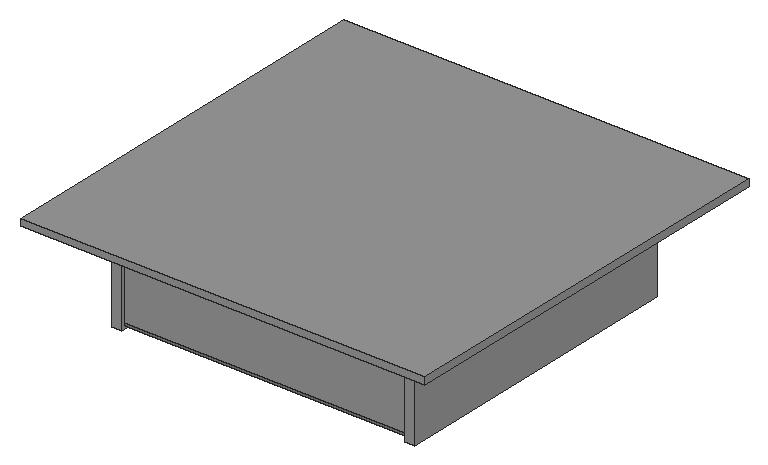
Revit family "Berica 2.0 M", category Lighting Fixtures, Revit 2020 (continued)
Definition of nested family "Light Source Berica 2.0"
  Types (4, lengths in mm): name | Photometric Web File | built-in parameter 1150142
    L 45°x96° | "BERICA 2.0 L 45°x96° [3000K 8W 230Vac].IES" | "IESNA:LM-63-2002\r\n[TEST] 20201109-0833\r\n[TESTLAB] L&L\r\n[TESTDATE] 9 Nov 2020\r\n[ISSUEDATE] 9 Nov 2020\r\n[MANUFAC] L&L\r\n[LUMCAT] BERICA 2.0 L 45°x96° [3000K 8W 230Vac]\r\n[LUMINAIRE] BERICA 2.0 L 45°x96° [3000K 8W 230Vac]\r\n[FLASHAREA] 0.000363\r\n[LAMPCAT] Midpower LED\r\n[LAMP] Midpower LED\r\nTILT=NONE\r\n16 41.81 1.0 181 73 1 2 0.020 0.075 0.000\r\n1.00 1.00 8.00\r\n0.00 1.00 2.00 3.00 4.00 5.00 6.00 7.00 8.00 9.00 10.00 \r\n11.00 12.00 13.00 14.00 15.00 16.00 17.00 18.00 19.00 \r\n20.00 21.00 22.00 23.00 24.00 25.00 26.00 27.00 28.00 \r\n29.00 30.00 31.00 32.00 33.00 34.00 35.00 36.00 37.00 \r\n38.00 39.00 40.00 41.00 42.00 43.00 44.00 45.00 46.00 \r\n47.00 48.00 49.00 50.00 51.00 52.00 53.00 54.00 55.00 \r\n56.00 57.00 58.00 59.00 60.00 61.00 62.00 63.00 64.00 \r\n65.00 66.00 67.00 68.00 69.00 70.00 71.00 72.00 73.00 \r\n74.00 75.00 76.00 77.00 78.00 79.00 80.00 81.00 82.00 \r\n83.00 84.00 85.00 86.00 87.00 88.00 89.00 90.00 91.00 \r\n92.00 93.00 94.00 95.00 96.00 97.00 98.00 99.00 100.00 \r\n101.00 102.00 103.00 104.00 105.00 106.00 107.00 108.00 \r\n109.00 110.00 111.00 112.00 113.00 114.00 115.00 116.00 \r\n117.00 118.00 119.00 120.00 121.00 122.00 123.00 124.00 \r\n125.00 126.00 127.00 128.00 129.00 130.00 131.00 132.00 \r\n133.00 134.00 135.00 136.00 137.00 138.00 139.00 140.00 \r\n141.00 142.00 143.00 144.00 145.00 146.00 147.00 148.00 \r\n149.00 150.00 151.00 152.00 153.00 154.00 155.00 156.00 \r\n157.00 158.00 159.00 160.00 161.00 162.00 163.00 164.00 \r\n165.00 166.00 167.00 168.00 169.00 170.00 171.00 172.00 \r\n173.00 174.00 175.00 176.00 177.00 178.00 179.00 180.00 \r\n0.00 5.00 10.00 15.00 20.00 25.00 30.00 35.00 40.00 45.00 \r\n50.00 55.00 60.00 65.00 70.00 75.00 80.00 85.00 90.00 \r\n95.00 100.00 105.00 110.00 115.00 120.00 125.00 130.00 \r\n135.00 140.00 145.00 150.00 155.00 160.00 165.00 170.00 \r\n175.00 180.00 185.00 190.00 195.00 200.00 205.00 210.00 \r\n215.00 220.00 225.00 230.00 235.00 240.00 245.00 250.00 \r\n255.00 260.00 265.00 270.00 275.00 280.00 285.00 290.00 \r\n295.00 300.00 305.00 310.00 315.00 320.00 325.00 330.00 \r\n335.00 340.00 345.00 350.00 355.00 360.00 \r\n224.51 224.54 224.47 224.29 224.04 223.70 223.35 223.00 \r\n222.37 221.64 220.92 220.21 219.23 218.33 217.06 215.88 \r\n214.56 213.07 211.42 209.78 208.08 206.23 204.25 202.16 \r\n200.14 197.85 195.62 193.10 190.58 187.82 185.16 182.17 \r\n179.18 176.35 173.06 169.68 165.83 162.15 158.39 154.58 \r\n150.21 145.95 141.55 136.64 132.14 127.20 122.43 117.54 \r\n112.46 107.56 102.36 97.42 92.53 87.26 82.94 78.07 73.39 \r\n68.85 64.65 60.75 56.75 52.88 49.48 46.11 42.61 39.56 \r\n36.57 33.94 31.23 28.75 26.27 24.18 22.19 20.16 18.36 \r\n16.73 15.10 13.62 12.09 10.74 9.43 8.19 6.97 5.82 4.70 \r\n3.63 2.61 1.77 1.06 0.57 0.41 0.57 1.06 1.77 2.61 3.63 \r\n4.70 5.82 6.97 8.19 9.43 10.74 12.09 13.62 15.10 16.73 \r\n18.36 20.16 22.19 24.18 26.27 28.75 31.23 33.94 36.57 \r\n39.56 42.61 46.11 49.48 52.88 56.75 60.75 64.65 68.85 \r\n73.39 78.07 82.94 87.26 92.53 97.42 102.36 107.56 112.46 \r\n117.54 122.43 127.20 132.14 136.64 141.55 145.95 150.21 \r\n154.58 158.39 162.15 165.83 169.68 173.06 176.35 179.18 \r\n182.17 185.16 187.82 190.58 193.10 195.62 197.85 200.14 \r\n202.16 204.25 206.23 208.08 209.78 211.42 213.07 214.56 \r\n215.88 217.06 218.33 219.23 220.21 220.92 221.64 222.37 \r\n223.00 223.35 223.70 224.04 224.29 224.47 224.54 224.51 \r\n224.51 224.52 224.54 224.33 224.15 223.91 223.51 223.06 \r\n222.50 221.87 221.15 220.42 219.44 218.46 217.35 216.01 \r\n214.64 213.30 211.69 209.95 208.00 206.07 204.17 201.90 \r\n199.93 197.49 195.16 192.56 189.89 186.94 184.27 181.41 \r\n178.28 175.17 171.67 168.15 164.46 160.53 156.61 152.65 \r\n148.28 143.97 139.14 134.86 129.91 125.22 120.09 115.30 \r\n110.48 105.40 100.63 95.79 91.04 86.35 81.37 76.97 72.70 \r\n68.36 64.46 60.49 56.80 53.01 49.79 46.55 43.32 40.56 \r\n37.65 34.94 32.40 29.95 27.83 25.52 23.64 21.73 19.94 \r\n18.32 16.76 15.24 13.77 12.36 11.16 9.84 8.57 7.39 6.20 \r\n5.17 4.02 3.13 2.36 1.79 1.68 1.79 2.36 3.13 4.02 5.17 \r\n6.20 7.39 8.57 9.84 11.16 12.36 13.77 15.24 16.76 18.32 \r\n19.94 21.73 23.64 25.52 27.83 29.95 32.40 34.94 37.65 \r\n40.56 43.32 46.55 49.79 53.01 56.80 60.49 64.46 68.36 \r\n72.70 76.97 81.37 86.35 91.04 95.79 100.63 105.40 110.48 \r\n115.30 120.09 125.22 129.91 134.86 139.14 143.97 148.28 \r\n152.65 156.61 160.53 164.46 168.15 171.67 175.17 178.28 \r\n181.41 184.27 186.94 189.89 192.56 195.16 197.49 199.93 \r\n201.90 204.17 206.07 208.00 209.95 211.69 213.30 214.64 \r\n216.01 217.35 218.46 219.44 220.42 221.15 221.87 222.50 \r\n223.06 223.51 223.91 224.15 224.33 224.54 224.52 224.51 \r\n224.51 224.65 224.67 224.49 224.33 224.04 223.72 223.18 \r\n222.58 221.87 221.26 220.39 219.31 218.21 217.03 215.58 \r\n214.12 212.60 210.90 209.07 207.19 205.07 202.87 200.47 \r\n198.14 195.64 192.94 189.93 187.03 183.93 180.81 177.45 \r\n173.89 170.33 166.38 162.32 158.19 154.03 149.87 145.37 \r\n141.09 136.22 131.29 126.84 121.84 117.14 112.23 107.76 \r\n102.85 98.45 93.72 89.12 84.45 80.39 76.23 72.09 68.13 \r\n64.44 60.98 57.28 54.12 50.88 47.80 44.94 42.21 39.71 \r\n37.09 34.74 32.48 30.32 28.42 26.40 24.64 22.92 21.35 \r\n19.93 18.39 17.01 15.67 14.30 13.05 11.69 10.49 9.30 8.21 \r\n7.06 5.98 5.04 4.33 3.77 3.64 3.77 4.33 5.04 5.98 7.06 \r\n8.21 9.30 10.49 11.69 13.05 14.30 15.67 17.01 18.39 19.93 \r\n21.35 22.92 24.64 26.40 28.42 30.32 32.48 34.74 37.09 \r\n39.71 42.21 44.94 47.80 50.88 54.12 57.28 60.98 64.44 \r\n68.13 72.09 76.23 80.39 84.45 89.12 93.72 98.45 102.85 \r\n107.76 112.23 117.14 121.84 126.84 131.29 136.22 141.09 \r\n145.37 149.87 154.03 158.19 162.32 166.38 170.33 173.89 \r\n177.45 180.81 183.93 187.03 189.93 192.94 195.64 198.14 \r\n200.47 202.87 205.07 207.19 209.07 210.90 212.60 214.12 \r\n215.58 217.03 218.21 219.31 220.39 221.26 221.87 222.58 \r\n223.18 223.72 224.04 224.33 224.49 224.67 224.65 224.51 \r\n224.51 224.73 224.76 224.64 224.43 224.19 223.76 223.26 \r\n222.55 221.82 220.96 220.05 218.96 217.86 216.36 214.88 \r\n213.23 211.26 209.35 207.10 204.98 202.47 199.86 197.16 \r\n194.24 191.26 188.01 184.82 181.15 177.55 173.98 170.34 \r\n166.18 161.92 157.90 153.29 148.92 144.26 139.74 135.47 \r\n130.24 125.64 120.74 115.91 111.46 106.67 102.35 97.66 \r\n93.18 89.04 85.02 80.88 77.06 73.34 69.77 66.37 62.99 \r\n59.73 56.82 53.92 51.03 48.30 45.71 43.38 40.83 38.89 \r\n36.64 34.65 32.68 30.83 29.13 27.39 25.80 24.31 22.80 \r\n21.34 19.97 18.57 17.36 16.04 14.74 13.50 12.32 11.16 \r\n10.05 9.00 8.04 7.19 6.54 6.13 6.04 6.13 6.54 7.19 8.04 \r\n9.00 10.05 11.16 12.32 13.50 14.74 16.04 17.36 18.57 \r\n19.97 21.34 22.80 24.31 25.80 27.39 29.13 30.83 32.68 \r\n34.65 36.64 38.89 40.83 43.38 45.71 48.30 51.03 53.92 \r\n56.82 59.73 62.99 66.37 69.77 73.34 77.06 80.88 85.02 \r\n89.04 93.18 97.66 102.35 106.67 111.46 115.91 120.74 \r\n125.64 130.24 135.47 139.74 144.26 148.92 153.29 157.90 \r\n161.92 166.18 170.34 173.98 177.55 181.15 184.82 188.01 \r\n191.26 194.24 197.16 199.86 202.47 204.98 207.10 209.35 \r\n211.26 213.23 214.88 216.36 217.86 218.96 220.05 220.96 \r\n221.82 222.55 223.26 223.76 224.19 224.43 224.64 224.76 \r\n224.73 224.51 \r\n224.51 224.74 224.73 224.53 224.37 224.00 223.51 222.85 \r\n222.14 221.27 220.46 219.35 218.09 216.68 214.88 213.02 \r\n210.98 208.65 206.30 203.71 200.90 197.99 195.02 191.65 \r\n188.37 184.68 181.02 177.32 173.11 169.24 165.10 160.61 \r\n156.15 151.64 146.72 142.17 137.50 132.77 127.64 122.80 \r\n118.14 113.77 108.91 104.69 100.25 95.89 92.01 87.71 \r\n84.26 80.35 77.06 73.63 70.43 67.30 64.33 61.51 58.75 \r\n56.36 53.59 51.39 48.90 46.79 44.53 42.51 40.39 38.68 \r\n36.73 35.04 33.29 31.63 30.03 28.37 26.90 25.45 23.95 \r\n22.51 21.25 19.88 18.68 17.38 16.28 15.12 14.06 12.99 \r\n11.95 10.99 10.08 9.43 8.84 8.54 8.40 8.54 8.84 9.43 \r\n10.08 10.99 11.95 12.99 14.06 15.12 16.28 17.38 18.68 \r\n19.88 21.25 22.51 23.95 25.45 26.90 28.37 30.03 31.63 \r\n33.29 35.04 36.73 38.68 40.39 42.51 44.53 46.79 48.90 \r\n51.39 53.59 56.36 58.75 61.51 64.33 67.30 70.43 73.63 \r\n77.06 80.35 84.26 87.71 92.01 95.89 100.25 104.69 108.91 \r\n113.77 118.14 122.80 127.64 132.77 137.50 142.17 146.72 \r\n151.64 156.15 160.61 165.10 169.24 173.11 177.32 181.02 \r\n184.68 188.37 191.65 195.02 197.99 200.90 203.71 206.30 \r\n208.65 210.98 213.02 214.88 216.68 218.09 219.35 220.46 \r\n221.27 222.14 222.85 223.51 224.00 224.37 224.53 224.73 \r\n224.74 224.51 \r\n224.51 224.83 224.86 224.65 224.41 223.96 223.42 222.68 \r\n221.85 221.02 219.74 218.43 216.76 215.08 213.01 210.70 \r\n208.17 205.35 202.46 199.42 196.27 192.59 189.14 185.17 \r\n181.25 177.00 172.94 168.59 164.00 159.24 154.62 150.19 \r\n144.75 140.27 134.86 130.34 125.21 120.36 115.94 111.14 \r\n106.80 102.71 98.26 94.34 90.73 86.92 83.44 80.18 76.95 \r\n73.95 71.01 68.30 65.61 63.02 60.63 58.42 56.12 54.12 \r\n51.89 49.87 47.92 46.07 44.23 42.31 40.60 38.92 37.23 \r\n35.58 33.87 32.42 30.78 29.31 27.87 26.39 25.04 23.73 \r\n22.41 21.25 20.08 18.95 18.00 16.85 15.96 14.93 14.06 \r\n13.23 12.43 11.88 11.41 11.09 10.98 11.09 11.41 11.88 \r\n12.43 13.23 14.06 14.93 15.96 16.85 18.00 18.95 20.08 \r\n21.25 22.41 23.73 25.04 26.39 27.87 29.31 30.78 32.42 \r\n33.87 35.58 37.23 38.92 40.60 42.31 44.23 46.07 47.92 \r\n49.87 51.89 54.12 56.12 58.42 60.63 63.02 65.61 68.30 \r\n71.01 73.95 76.95 80.18 83.44 86.92 90.73 94.34 98.26 \r\n102.71 106.80 111.14 115.94 120.36 125.21 130.34 134.86 \r\n140.27 144.75 150.19 154.62 159.24 164.00 168.59 172.94 \r\n177.00 181.25 185.17 189.14 192.59 196.27 199.42 202.46 \r\n205.35 208.17 210.70 213.01 215.08 216.76 218.43 219.74 \r\n221.02 221.85 222.68 223.42 223.96 224.41 224.65 224.86 \r\n224.83 224.51 \r\n224.51 224.73 224.75 224.55 224.31 223.74 223.03 222.25 \r\n221.36 220.08 218.58 216.88 215.04 212.80 210.22 207.42 \r\n204.63 201.28 197.91 194.04 190.23 186.33 181.87 177.69 \r\n173.15 168.31 163.54 158.92 153.54 148.54 143.62 138.62 \r\n133.81 128.26 123.55 119.04 114.00 109.60 105.37 100.95 \r\n97.22 93.04 89.68 86.28 82.96 79.93 77.11 74.28 71.64 \r\n69.20 66.87 64.68 62.35 60.29 58.39 56.40 54.58 52.69 \r\n50.85 49.19 47.41 45.80 44.01 42.41 40.84 39.32 37.59 \r\n36.19 34.54 33.07 31.62 30.10 28.78 27.48 26.22 25.05 \r\n23.88 22.81 21.71 20.67 19.76 18.83 17.90 17.04 16.29 \r\n15.47 14.86 14.32 13.98 13.67 13.59 13.67 13.98 14.32 \r\n14.86 15.47 16.29 17.04 17.90 18.83 19.76 20.67 21.71 \r\n22.81 23.88 25.05 26.22 27.48 28.78 30.10 31.62 33.07 \r\n34.54 36.19 37.59 39.32 40.84 42.41 44.01 45.80 47.41 \r\n49.19 50.85 52.69 54.58 56.40 58.39 60.29 62.35 64.68 \r\n66.87 69.20 71.64 74.28 77.11 79.93 82.96 86.28 89.68 \r\n93.04 97.22 100.95 105.37 109.60 114.00 119.04 123.55 \r\n128.26 133.81 138.62 143.62 148.54 153.54 158.92 163.54 \r\n168.31 173.15 177.69 181.87 186.33 190.23 194.04 197.91 \r\n201.28 204.63 207.42 210.22 212.80 215.04 216.88 218.58 \r\n220.08 221.36 222.25 223.03 223.74 224.31 224.55 224.75 \r\n224.73 224.51 \r\n224.51 224.79 224.81 224.68 224.20 223.64 222.93 221.95 \r\n220.77 219.06 217.31 215.27 212.85 210.15 207.22 203.94 \r\n200.51 196.75 192.78 188.66 184.09 179.56 174.88 169.56 \r\n164.52 159.33 154.23 148.59 143.34 137.87 133.22 127.80 \r\n122.99 118.14 113.26 108.63 104.33 100.07 96.24 92.78 \r\n89.17 85.91 82.77 80.06 77.28 74.80 72.39 70.18 68.13 \r\n66.04 64.14 62.21 60.48 58.66 56.97 55.25 53.67 52.03 \r\n50.53 48.86 47.30 45.80 44.19 42.65 41.18 39.71 38.30 \r\n36.70 35.33 33.85 32.51 31.25 30.01 28.86 27.66 26.64 \r\n25.48 24.52 23.54 22.56 21.72 20.73 19.98 19.19 18.48 \r\n17.87 17.31 16.88 16.45 16.21 16.09 16.21 16.45 16.88 \r\n17.31 17.87 18.48 19.19 19.98 20.73 21.72 22.56 23.54 \r\n24.52 25.48 26.64 27.66 28.86 30.01 31.25 32.51 33.85 \r\n35.33 36.70 38.30 39.71 41.18 42.65 44.19 45.80 47.30 \r\n48.86 50.53 52.03 53.67 55.25 56.97 58.66 60.48 62.21 \r\n64.14 66.04 68.13 70.18 72.39 74.80 77.28 80.06 82.77 \r\n85.91 89.17 92.78 96.24 100.07 104.33 108.63 113.26 \r\n118.14 122.99 127.80 133.22 137.87 143.34 148.59 154.23 \r\n159.33 164.52 169.56 174.88 179.56 184.09 188.66 192.78 \r\n196.75 200.51 203.94 207.22 210.15 212.85 215.27 217.31 \r\n219.06 220.77 221.95 222.93 223.64 224.20 224.68 224.81 \r\n224.79 224.51 \r\n224.51 224.82 224.83 224.51 224.06 223.48 222.65 221.36 \r\n219.76 217.95 215.70 213.08 210.32 207.11 203.69 200.00 \r\n196.06 191.54 187.28 182.55 177.38 172.15 167.15 161.59 \r\n155.90 150.35 144.62 139.46 133.43 128.28 123.25 118.14 \r\n113.38 108.74 104.34 100.25 96.26 92.48 89.19 85.86 83.02 \r\n80.45 77.87 75.44 73.17 71.06 69.19 67.44 65.64 63.89 \r\n62.20 60.70 59.15 57.50 56.10 54.59 53.14 51.75 50.33 \r\n48.84 47.43 45.87 44.44 43.01 41.49 40.24 38.76 37.46 \r\n36.19 34.93 33.72 32.63 31.55 30.43 29.36 28.29 27.39 \r\n26.26 25.41 24.50 23.66 22.81 22.01 21.31 20.68 20.12 \r\n19.62 19.24 18.82 18.52 18.37 18.52 18.82 19.24 19.62 \r\n20.12 20.68 21.31 22.01 22.81 23.66 24.50 25.41 26.26 \r\n27.39 28.29 29.36 30.43 31.55 32.63 33.72 34.93 36.19 \r\n37.46 38.76 40.24 41.49 43.01 44.44 45.87 47.43 48.84 \r\n50.33 51.75 53.14 54.59 56.10 57.50 59.15 60.70 62.20 \r\n63.89 65.64 67.44 69.19 71.06 73.17 75.44 77.87 80.45 \r\n83.02 85.86 89.19 92.48 96.26 100.25 104.34 108.74 113.38 \r\n118.14 123.25 128.28 133.43 139.46 144.62 150.35 155.90 \r\n161.59 167.15 172.15 177.38 182.55 187.28 191.54 196.06 \r\n200.00 203.69 207.11 210.32 213.08 215.70 217.95 219.76 \r\n221.36 222.65 223.48 224.06 224.51 224.83 224.82 224.51 \r\n224.51 224.83 224.81 224.51 223.95 223.23 222.16 220.63 \r\n218.85 216.47 213.99 211.01 207.84 204.36 200.48 196.16 \r\n191.39 186.95 181.55 176.52 170.71 165.49 159.64 153.65 \r\n147.75 141.89 135.89 130.31 124.86 119.39 114.93 109.78 \r\n105.55 100.88 97.09 93.30 89.85 86.62 83.75 80.99 78.59 \r\n76.26 74.14 72.09 70.32 68.43 66.85 65.34 63.89 62.48 \r\n60.98 59.64 58.24 57.01 55.62 54.33 53.07 51.77 50.30 \r\n49.06 47.58 46.25 44.85 43.52 42.26 40.81 39.67 38.45 \r\n37.41 36.28 35.20 34.12 33.12 32.05 31.13 30.15 29.27 \r\n28.30 27.46 26.53 25.69 24.88 24.13 23.54 22.87 22.38 \r\n21.91 21.42 20.99 20.71 20.50 20.71 20.99 21.42 21.91 \r\n22.38 22.87 23.54 24.13 24.88 25.69 26.53 27.46 28.30 \r\n29.27 30.15 31.13 32.05 33.12 34.12 35.20 36.28 37.41 \r\n38.45 39.67 40.81 42.26 43.52 44.85 46.25 47.58 49.06 \r\n50.30 51.77 53.07 54.33 55.62 57.01 58.24 59.64 60.98 \r\n62.48 63.89 65.34 66.85 68.43 70.32 72.09 74.14 76.26 \r\n78.59 80.99 83.75 86.62 89.85 93.30 97.09 100.88 105.55 \r\n109.78 114.93 119.39 124.86 130.31 135.89 141.89 147.75 \r\n153.65 159.64 165.49 170.71 176.52 181.55 186.95 191.39 \r\n196.16 200.48 204.36 207.84 211.01 213.99 216.47 218.85 \r\n220.63 222.16 223.23 223.95 224.51 224.81 224.83 224.51 \r\n224.51 224.81 224.69 224.38 223.83 222.97 221.63 219.99 \r\n217.71 215.15 212.10 209.02 205.20 201.43 196.74 192.13 \r\n187.47 181.65 176.32 170.43 164.56 158.14 152.71 146.20 \r\n140.12 134.21 128.10 122.94 116.96 112.10 107.48 102.90 \r\n98.79 95.07 91.09 88.11 84.92 82.21 79.63 77.26 75.32 \r\n73.30 71.47 69.71 68.13 66.56 65.34 63.86 62.68 61.48 \r\n60.27 59.03 57.90 56.66 55.51 54.31 53.05 51.84 50.42 \r\n49.25 47.91 46.63 45.42 44.17 42.97 41.94 40.83 39.84 \r\n38.85 37.76 36.78 35.81 34.92 33.96 33.02 32.13 31.19 \r\n30.33 29.43 28.61 27.82 27.05 26.36 25.63 25.12 24.53 \r\n24.10 23.60 23.11 22.84 22.63 22.84 23.11 23.60 24.10 \r\n24.53 25.12 25.63 26.36 27.05 27.82 28.61 29.43 30.33 \r\n31.19 32.13 33.02 33.96 34.92 35.81 36.78 37.76 38.85 \r\n39.84 40.83 41.94 42.97 44.17 45.42 46.63 47.91 49.25 \r\n50.42 51.84 53.05 54.31 55.51 56.66 57.90 59.03 60.27 \r\n61.48 62.68 63.86 65.34 66.56 68.13 69.71 71.47 73.30 \r\n75.32 77.26 79.63 82.21 84.92 88.11 91.09 95.07 98.79 \r\n102.90 107.48 112.10 116.96 122.94 128.10 134.21 140.12 \r\n146.20 152.71 158.14 164.56 170.43 176.32 181.65 187.47 \r\n192.13 196.74 201.43 205.20 209.02 212.10 215.15 217.71 \r\n219.99 221.63 222.97 223.83 224.38 224.69 224.81 224.51 \r\n224.51 224.84 224.73 224.33 223.68 222.67 221.11 219.05 \r\n216.68 213.80 210.39 206.83 202.68 198.38 193.74 188.20 \r\n182.81 176.90 170.96 164.65 158.51 152.16 145.98 139.61 \r\n133.38 127.16 121.40 115.98 110.58 105.59 101.47 97.55 \r\n93.65 89.98 86.83 83.95 81.13 78.93 76.53 74.62 72.72 \r\n70.95 69.45 67.90 66.67 65.31 64.12 63.04 62.09 61.04 \r\n59.88 58.81 57.76 56.69 55.62 54.40 53.32 52.11 50.93 \r\n49.77 48.49 47.36 46.15 45.18 44.23 43.28 42.26 41.37 \r\n40.42 39.51 38.51 37.63 36.75 35.83 35.02 34.09 33.34 \r\n32.40 31.59 30.82 30.01 2
